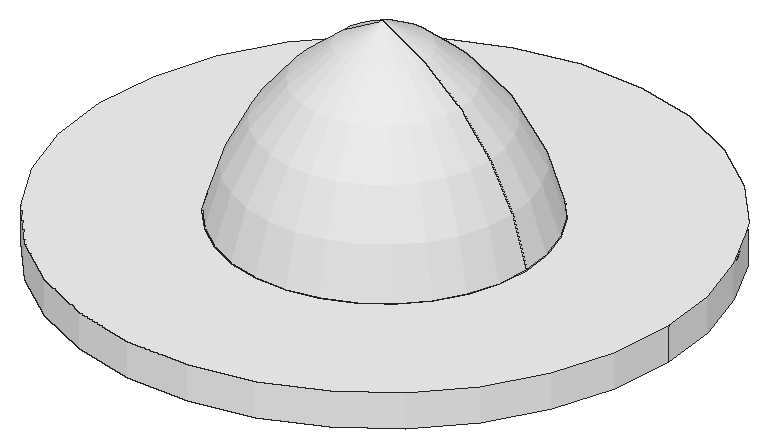
Revit family
Parameters (values of type "W180*H55")
  Wattage = 60 W
  built-in parameter 1150110 = 1 (stored number, unit not read)
  built-in parameter 1114217 = 1 (stored number, unit not read)
  built-in parameter 1150109 = 1 (stored number, unit not read)
  built-in parameter 1150134 = 4
  built-in parameter 1150113 = 1 (stored number, unit not read)
  Tilt Angle = 90.00°
  built-in parameter 1010507 = 1.5708 (stored number, unit not read)
  built-in parameter 1010506 = 0.5236 (stored number, unit not read)
  built-in parameter 1150115 = 1 (stored number, unit not read)
  built-in parameter 1150105 = 2407.4 (stored number, unit not read)
  Light Source Symbol Length = 1000 mm
  built-in parameter 1150137 = (empty or 0)
  built-in parameter 1150139 = (empty or 0)
  built-in parameter 1150112 = 1 (stored number, unit not read)
  built-in parameter 1150114 = 1 (stored number, unit not read)
  built-in parameter 1150132 = (empty or 0)
  built-in parameter 1150102 = (empty or 0)
  built-in parameter 1150138 = (empty or 0)
  built-in parameter 1150107 = 2800 (stored number, unit not read)
  built-in parameter 1150106 = 24.074 (stored number, unit not read)
  built-in parameter 1150104 = 1.1148 (stored number, unit not read)
  Dimming Lamp Color Temperature Shift = (empty or 0)
  Color Filter = 16777215
  built-in parameter 1114218 = 1 (stored number, unit not read)
  built-in parameter 1150133 = 10 (stored number, unit not read)
  Assembly Code = ""
  지름 = 180 mm
  Manufacturer = ""
  Lamp = "A-19"
  Model = ""
  Lumens = 720 lm
  Wattage Comments = "60"
  깊이 = 55 mm
  조명 재료 = 금속 - 크롬(2)
  프레임 재료 = 흰색, 광택
Types (4, lengths in mm): name | 지름 | 깊이
  (no name) | 180 | 55
  W180*H55 | 180 | 55
  W200*H55 | 200 | 58.7
  W220*H55 | 220 | 58.7
Reference planes
  plane 1 "광원 축": y = 0
  plane 2 "천장": z = 2438.4
  plane 3 "광원 축": x = 0
  plane 4: x = 90
  plane 5: x = -90
  plane 6 "조명원 높이값": z = 2428.213
  plane 7: z = 2493.4
Forms (mm)
  Extrusion 1, solid, material "흰색, 광택" <- "프레임 재료"
    sketch origin (0, 0, 2438.4) x (0, 1, 0) y (1, 0, 0)
      loop
        circle (0, 0) r 90
      loop
        circle (0, 0) r 45
    from 10.187 to 0
  Revolve 2, solid, material "금속 - 크롬(2)" <- "조명 재료"
    sketch origin (0, 0, 0) x (0, 0, -1) y (1, 0, 0)
      loop
        arc (-2438.4, 45) -> (-2471.343, 29.153) -> (-2493.4, 0) r 77.734
        line (-2493.4, 0) -> (-2490.4, 0)
        arc (-2490.4, 0) -> (-2468.675, 26.154) -> (-2438.4, 41.628) r 84.5
        line (-2438.4, 41.628) -> (-2438.4, 45)
      axis (-2493.4, 0) -> (-2438.4, 0)
    angle from 0 to 360
  Extrusion 3, solid, material "금속 - 크롬(2)" <- "조명 재료"
    sketch origin (0, 0, 0) x (1, 0, 0) y (0, 1, 0)
      loop
        circle (0, 0) r 45
      loop
        circle (0, 0) r 41.628
    from 2428.213 to 2438.4
Lines and regions (mm)
  Opening 1
    outline origin (0, 0, 2438.4) x (1, 0, 0) y (0, 1, 0)
      loop
        circle (0, 0) r 90
  sketch lines
    curve 1: line (-1524, 1524, 0) -> (1524, 1524, 0)
    curve 2: line (-1524, 1524, 0) -> (-1524, -1524, 0)
    curve 3: line (-1524, -1524, 0) -> (1524, -1524, 0)
    curve 4: line (1524, 1524, 0) -> (1524, -1524, 0)
  symbolic lines
    curve 5: arc (90, 0, 2438.4) -> (0, 90, 2438.4) -> (-90, 0, 2438.4) r 90
    curve 6: arc (-90, 0, 2438.4) -> (0, -90, 2438.4) -> (90, 0, 2438.4) r 90
    curve 7: line (-90, -76.2, 0) -> (0, -161.988, 0)
    curve 8: line (90, -76.2, 0) -> (0, -161.988, 0)
Dimensions and locks
  equal spacing: curve 2, plane 3 "광원 축", curve 4
  equal spacing: curve 3, plane 1 "광원 축", curve 1
  curve 2 to curve 4 = 3048 mm
  curve 3 to curve 1 = 3048 mm
  equal spacing: plane 5, plane 3 "광원 축", plane 4
  "지름": plane 5 to plane 4
  locked: Extrusion 1 sketch curve to Extrusion 1 sketch curve at 45
  "깊이": plane 2 "천장" to plane 7
  locked: Revolve 2 sketch curve to plane 4 at 45
  locked: Extrusion 1 to Extrusion 1 at 10.187
  aligned and locked: Extrusion 1 to Revolve 2 sketch curve
  aligned and locked: plane 3 "광원 축" to Revolve 2 sketch curve
  aligned and locked: plane 7 to Revolve 2 sketch curve
  aligned and locked: Extrusion 3 sketch curve to Extrusion 1
  aligned and locked: Extrusion 3 sketch curve to Revolve 2
  aligned and locked: Extrusion 1 to Extrusion 3
  aligned and locked: plane 3 "광원 축" to imposter light
  aligned and locked: plane 1 "광원 축" to imposter light
  aligned and locked: plane 6 "조명원 높이값" to imposter light
  aligned and locked: imposter light to Extrusion 1
Automatic sketch dimensions
  Opening 1 sketch curve to plane 1 "광원 축" = 0 mm
  Opening 1 sketch curve to plane 5 = 0 mm
  Opening 1 sketch curve to plane 3 "광원 축" = 0 mm  (x2)
  curve 6 to plane 1 "광원 축" = 0 mm
  curve 6 to plane 5 = 0 mm
  curve 7 to plane 5 = 0 mm
  curve 8 to plane 3 "광원 축" = 0 mm
  curve 5 to plane 3 "광원 축" = 0 mm
  curve 8 to plane 4 = 0 mm
  curve 8 to curve 5 = 76.2 mm
  plane 1 "광원 축" to curve 7 = 76.2 mm
  curve 8 to curve 8 = 85.788 mm
  Extrusion 1 sketch curve to plane 1 "광원 축" = 0 mm  (x2)
  Extrusion 1 sketch curve to plane 4 = 0 mm
  Extrusion 1 sketch curve to plane 3 "광원 축" = 0 mm  (x2)
  Revolve 2 sketch curve to plane 3 "광원 축" = 0 mm
  Revolve 2 sketch curve to Revolve 2 sketch curve = 3 mm
  Revolve 2 sketch curve to Revolve 2 sketch curve = 6.264 mm
  Revolve 2 sketch curve to plane 2 "천장" = 16.281 mm
  Revolve 2 sketch curve to Revolve 2 sketch curve = 6.253 mm
  plane 6 "조명원 높이값" to Revolve 2 sketch curve = 35 mm
  Revolve 2 sketch curve to Revolve 2 sketch curve = 8.802 mm
